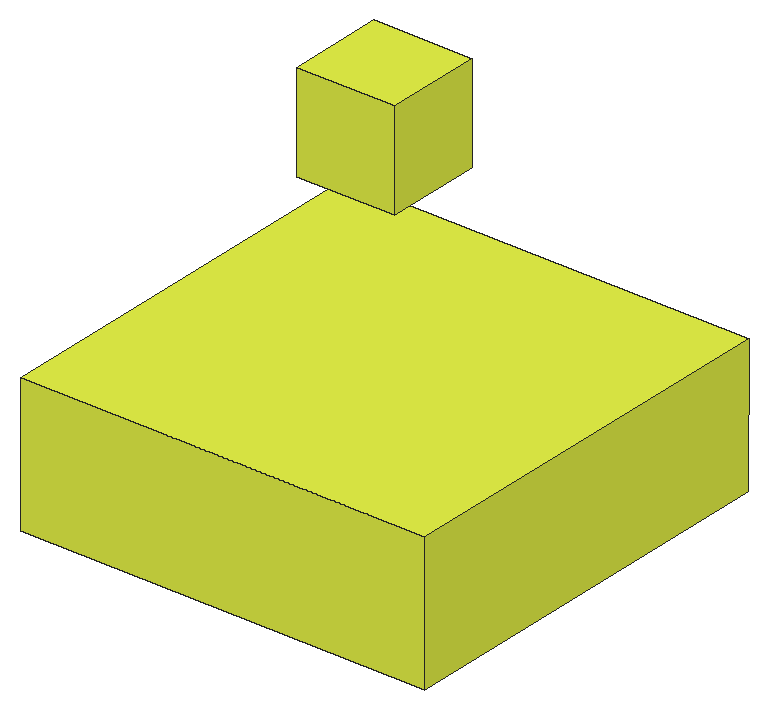
Revit family
Reference planes
  plane 1 "중심(앞/뒤)": y = 0
  plane 2: z = 0
  plane 3 "중심(왼쪽/오른쪽)": x = 0
  plane 4 "상자의 하단": z = -50.8
  plane 5 "diag2": through (76.2, -76.2, 1219.2) normal (-0.7071, -0.7071, 0)
  plane 6 "diag1": through (-76.2, -76.2, 1219.2) normal (-0.7071, 0.7071, 0)
Forms (mm)
  Extrusion 1, solid, material "고정BC"
    sketch origin (0, -76.2, -117.01) x (0, 1, 0) y (0, 0, 1)
      loop
        line (-54.759, -22.69) -> (-54.759, -111.59) -> (207.159, -111.59) -> (207.159, -22.69) -> (-54.759, -22.69)
    from 131.36 to -131.36
  Extrusion 2, solid, material "고정BC"
    sketch origin (0, 0, 0) x (1, 0, 0) y (0, 0, 1)
      loop
        line (-31.75, 31.75) -> (-31.75, -31.75) -> (31.75, -31.75) -> (31.75, 31.75) -> (-31.75, 31.75)
    from 31.405 to -31.405
Lines and regions (mm)
  symbolic lines
    curve 1: line (131.36, 0, -228.6) -> (154.464, 0, -261.596)
    curve 6: line (-131.36, 0, -228.6) -> (-108.256, 0, -261.596)
    curve 7: line (78.816, 0, -228.6) -> (101.92, 0, -261.596)
    curve 8: line (26.272, 0, -228.6) -> (49.376, 0, -261.596)
    curve 9: line (-26.272, 0, -228.6) -> (-3.168, 0, -261.596)
    curve 10: line (-78.816, 0, -228.6) -> (-55.712, 0, -261.596)
    curve 11: line (0, 130.959, -228.6) -> (0, 163.739, -275.415)
    curve 12: line (0, -130.959, -228.6) -> (0, -98.18, -275.415)
    curve 13: line (0, 78.576, -228.6) -> (0, 111.356, -275.415)
    curve 14: line (0, 26.192, -228.6) -> (0, 58.972, -275.415)
    curve 15: line (0, -26.192, -228.6) -> (0, 6.588, -275.415)
    curve 16: line (0, -78.576, -228.6) -> (0, -45.796, -275.415)
  model lines
    curve 2: line (131.16, 131.16, -139.7) -> (0, 0, 0)
    curve 3: line (0, 0, 0) -> (-131.16, -131.16, -139.7)
    curve 4: line (131.16, -131.16, -139.7) -> (0, 0, 0)
    curve 5: line (0, 0, 0) -> (-131.16, 131.16, -139.7)
Dimensions and locks
  equal spacing: Extrusion 2 sketch curve, plane 3 "중심(왼쪽/오른쪽)", Extrusion 2 sketch curve
  equal spacing: Extrusion 2 sketch curve, level, Extrusion 2 sketch curve
  Extrusion 2 sketch curve to plane 3 "중심(왼쪽/오른쪽)" = 31.75 mm
  Extrusion 2 sketch curve to level = 31.75 mm
  equal spacing: Extrusion 2, plane 1 "중심(앞/뒤)", Extrusion 2
  plane 1 "중심(앞/뒤)" to Extrusion 2 = 31.405 mm
  equal spacing: Extrusion 1, plane 1 "중심(앞/뒤)", Extrusion 1
  Extrusion 1 to level = 228.6 mm
  Extrusion 1 to plane 3 "중심(왼쪽/오른쪽)" = 131.36 mm
  equal spacing: Extrusion 1, plane 3 "중심(왼쪽/오른쪽)", Extrusion 1
  equal spacing: group 2, group 6, group 5, group 4, group 3, group 1
  equal spacing: group 1, group 3, group 4, group 5, group 6, group 2  (x2)
  equal spacing: group 7, group 9, group 10, group 11, group 12, group 8  (x2)
  equal spacing: group 8, group 12, group 11, group 10, group 9, group 7
Automatic sketch dimensions
  plane 1 "중심(앞/뒤)" to Extrusion 1 sketch curve = 130.959 mm
  Extrusion 1 sketch curve to plane 1 "중심(앞/뒤)" = 130.959 mm
  Extrusion 1 sketch curve to plane 4 "상자의 하단" = 177.8 mm
  Extrusion 1 sketch curve to plane 4 "상자의 하단" = 88.9 mm
  curve 3 to level = 0 mm
  curve 3 to plane 5 "diag2" = 0 mm
  curve 2 to plane 4 "상자의 하단" = 88.9 mm
  curve 2 to plane 5 "diag2" = 185.488 mm
  curve 3 to plane 4 "상자의 하단" = 88.9 mm
  plane 5 "diag2" to curve 3 = 185.488 mm
  curve 5 to level = 0 mm
  curve 5 to plane 6 "diag1" = 0 mm
  curve 4 to plane 4 "상자의 하단" = 88.9 mm
  curve 4 to plane 6 "diag1" = 185.488 mm
  curve 5 to plane 4 "상자의 하단" = 88.9 mm
  plane 6 "diag1" to curve 5 = 185.488 mm
